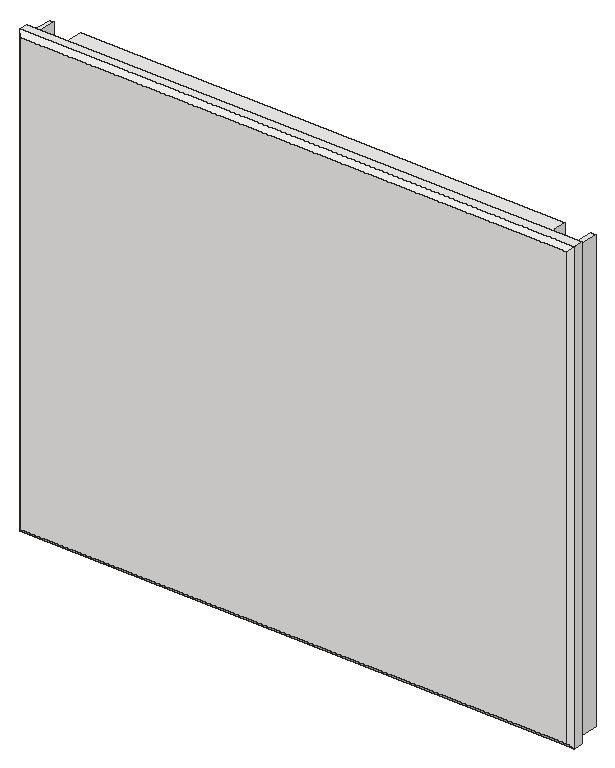
Revit family "Power_Module-Lutron-GRAFIK_Eye-PHPM3F", category Lighting Devices, Revit 2017
Family settings
  Maintain Annotation Orientation = No
  Round Connector Dimension = Use Diameter
  Part Type = Normal
  OmniClass Number = 23.85.80.11.27
  OmniClass Title = Lighting Controls
  Work Plane-Based = Yes
  Always vertical = No
  Cut with Voids When Loaded = No
  Shared = No
  Room Calculation Point = No
Parameters (values of type "PHPM-3F-DV-WH")
  Warranty URL = "http://www.lutron.com/en-US/Service-Support/Pages/Service/Warranty/Warranty.aspx"
  Video Link = "https://www.youtube.com/user/LutronElectronicsInc"
  Version = "2017 - v1.0b"  # constant formula
  URL = "http://www.lutron.com"
  Type Comments = ""
  Support Phone = "(224) 699-9545"  # constant formula
  Support Email = "mailto: support@anguleris.com"
  Series = "GRAFIK Eye QS"
  Product Page URL = "http://www.lutron.com/en-US/Products/Pages/SingleRoomControls/GrafikEyeQS/Overview.aspx"
  Product Name = "3-Wire Fluorescent Power Module"
  Product Documentation Link = "http://www.lutron.com/TechnicalDocumentLibrary/369-355.pdf"
  Power Module Material = Plastic - Lutron - White
  Performance URL = "http://www.lutron.com/en-US/Service-Support/Pages/Technical/PerfomanceSpecs.aspx"
  Overall Width = 0' - 6 77/256"
  Overall Height = 0' - 5 13/128"
  Overall Depth = 0' - 1 77/128"
  Number of Poles = 1
  Model = "PHPM-3F-DV-WH"
  Manufacturer Phone Number = "610-282-3800"  # constant formula
  Manufacturer Fax Number = "610-282-1243"  # constant formula
  Manufacturer Email = "mailto:support@lutron.com"
  Manufacturer Address = "7200 Suter Rd, Coopersburg, PA 18036"  # constant formula
  Manufacturer = "Lutron Electronics Co., Inc"  # constant formula
  Load Voltage = 277 V
  Load Classification = Lighting
  Label = "PM"
  Keynote = ""
  Instruction Sheet Link = "http://www.lutron.com/TechnicalDocumentLibrary/032479.pdf"
  Graphic Symbol Visibility [instance] = not(Annotation Symbol Visibility)  # no
  Description = "3-Wire Fluorescent Power Module"
  Default Elevation = 4' - 0"
  Cost Info = "mailto:sales@lutron.com"
  Cost = 0
  Copyright = "© 2019 Lutron Electronics Co., Inc."  # constant formula
  Control Voltage = 120 V
  Control Power [instance] = 0 VA
  Capacity = 16 A
  Assembly Code = "D5020"
  Annotation Symbol Visibility [instance] = yes
Types (2): name | Model | Load Voltage
  PHPM-3F-120-WH | "PHPM-3F-120-WH" | 120 V
  PHPM-3F-DV-WH | "PHPM-3F-DV-WH" | 277 V
Reference planes (in)
  plane 1 "Center (Front/Back)": y = 0
  plane 2: z = 0
  plane 3 "Center (Left/Right)": x = 0
  plane 4: y = 1.19922
  plane 5: y = -0.40234
  plane 6: x = -3.15039
  plane 7: x = 3.15039
  plane 8: y = -0.25469
  plane 9: z = 5.10156
  plane 10: z = 2.55078
Forms (in)
  Extrusion 1, solid, material "Plastic - Lutron - White" <- "Power Module Material"
    sketch origin (0, 0, 0) x (-1, 0, 0) y (0, -1, 0)
      loop
        line (-3.10039, 0.40234) -> (-3.15039, 0.35234) -> (-3.15039, 0.25469) -> (-3.09961, 0.25469) -> (-3.09961, 0) -> (-3.04883, 0) -> (-3.04883, 0.25469) -> (-2.74805, 0.25469) -> (-2.74805, 0) -> (2.74805, 0) -> (2.74805, 0.25469) -> (3.04883, 0.25469) -> (3.04883, 0) -> (3.09961, 0) -> (3.09961, 0.25469) -> (3.15039, 0.25469) -> (3.15039, 0.35234) -> (3.10039, 0.40234) -> (-3.10039, 0.40234)
    from 0 to 5.10156
  Extrusion 2, solid, material "Plastic - Lutron - White" <- "Power Module Material", detail levels fine
    sketch origin (0, 0, 0) x (-1, 0, 0) y (0, -1, 0)
      loop
        line (-1.72958, 0) -> (-1.72958, -1.19922) -> (-0.40081, -1.19922) -> (-0.1, -0.90873) -> (-0.1, 0) -> (-1.72958, 0)
      loop
        line (0.1, 0) -> (0.1, -0.90873) -> (0.40081, -1.19922) -> (1.7312, -1.19922) -> (1.7312, 0) -> (0.1, 0)
    from 1 to 4.10156
  Extrusion 3, void
    sketch origin (0, 0, 0) x (0, -1, 0) y (0, 0, 1)
      loop
        line (0.35234, 5.10156) -> (0.40234, 5.05156) -> (0.40234, 5.10156) -> (0.35234, 5.10156)
      loop
        line (0.35234, 0) -> (0.40234, 0) -> (0.40234, 0.05) -> (0.35234, 0)
      loop
        line (0, 5.10156) -> (0, 5.05156) -> (0.25469, 5.05156) -> (0.25469, 5.10156) -> (0, 5.10156)
      loop
        line (0, 0) -> (0.25469, 0) -> (0.25469, 0.05) -> (0, 0.05) -> (0, 0)
    from 3.15039 to -3.15039
Cuts and joins
  Extrusion 3 cuts Extrusion 1
Lines and regions (in)
  symbolic lines, detail levels fine
    curve 1: line (3.09961, 0, 0) -> (-3.09961, 0, 0)
    curve 2: line (-3.09961, 0, 0) -> (-3.09961, -0.25469, 0)
    curve 3: line (-3.15039, -0.25469, 0) -> (-3.15039, -0.35234, 0)
    curve 4: line (-3.15039, -0.35234, 0) -> (-3.10039, -0.40234, 0)
    curve 5: line (-3.10039, -0.40234, 0) -> (3.10039, -0.40234, 0)
    curve 6: line (3.10039, -0.40234, 0) -> (3.15039, -0.35234, 0)
    curve 7: line (3.15039, -0.35234, 0) -> (3.15039, -0.25469, 0)
    curve 8: line (3.15039, -0.25469, 0) -> (-3.15039, -0.25469, 0)
    curve 9: line (3.09961, 0, 0) -> (3.09961, -0.25469, 0)
  symbolic lines, visible <- "Graphic Symbol Visibility"
    curve 10: line (-3.15039, 0, 0) -> (3.15039, 0, 0)
    curve 11: line (-3.15039, -0.40234, 0) -> (-3.15039, 0, 0)
    curve 12: line (3.15039, -0.40234, 0) -> (-3.15039, -0.40234, 0)
    curve 13: line (3.15039, 0, 0) -> (3.15039, -0.40234, 0)
Dimensions and locks (in)
  equal spacing: plane 6, plane 3 "Center (Left/Right)", plane 7
  "Overall Width": plane 6 to plane 7
  locked: Extrusion 1 sketch curve to Extrusion 1 sketch curve at 0.07071  (x2)
  "Overall Height": plane 9 to plane 2
  equal spacing: plane 9, plane 10, plane 2
  locked: plane 9 to Extrusion 3 sketch curve at 0.05
  locked: Extrusion 3 sketch curve to plane 2 at 0.05
  equal spacing: Extrusion 1 sketch curve, plane 6, Extrusion 1 sketch curve
  equal spacing: Extrusion 1 sketch curve, plane 7, Extrusion 1 sketch curve
  equal spacing: Extrusion 2, plane 10, Extrusion 2
  locked: Extrusion 2 to Extrusion 2 at 3.10156
  locked: plane 1 "Center (Front/Back)" to plane 4 at 1.19922
  locked: plane 5 to plane 8 at 0.14766
  Extrusion 2 sketch curve to Extrusion 2 sketch curve to Extrusion 2 sketch curve to plane 3 "Center (Left/Right)" to Extrusion 2 sketch curve to Extrusion 2 sketch curve to Extrusion 2 sketch curve = 0' - 1.33039" locked, 0' - 0.30081" locked, 0' - 0.1" locked, 0' - 0.1" locked, 0' - 0.30081" locked, 0' - 1.32877" locked
  plane 1 "Center (Front/Back)" to Extrusion 2 sketch curve to Extrusion 2 sketch curve = 0' - 0.90873" locked, 0' - 0" locked
  "Overall Depth": plane 4 to plane 5
  Extrusion 1 sketch curve to Extrusion 1 sketch curve to Extrusion 1 sketch curve to plane 3 "Center (Left/Right)" to Extrusion 1 sketch curve to Extrusion 1 sketch curve to Extrusion 1 sketch curve = 0' - 0 13/256" locked, 0' - 0 77/256" locked, 0' - 2.74805" locked, 0' - 2.74805" locked, 0' - 0 77/256" locked, 0' - 0 13/256" locked
  aligned and locked: level to plane 2
  aligned and locked: Extrusion 1 sketch curve to plane 1 "Center (Front/Back)"  (x2)
  aligned and locked: plane 8 to Extrusion 1 sketch curve  (x2)
  aligned and locked: Extrusion 1 sketch curve to plane 8  (x2)
  aligned and locked: plane 1 "Center (Front/Back)" to Extrusion 1 sketch curve
  aligned and locked: Extrusion 2 sketch curve to plane 1 "Center (Front/Back)"  (x2)
  aligned and locked: Extrusion 1 to plane 2
  aligned and locked: plane 9 to Extrusion 1
  aligned and locked: plane 9 to Extrusion 3 sketch curve
  aligned and locked: plane 2 to Extrusion 3 sketch curve
  aligned and locked: cut or joined group of Extrusion 1, Extrusion 3 to plane 7
  aligned and locked: cut or joined group of Extrusion 1, Extrusion 3 to plane 6
  aligned and locked: Extrusion 3 sketch curve to plane 9
  aligned and locked: plane 1 "Center (Front/Back)" to Extrusion 3 sketch curve
  aligned and locked: Extrusion 3 sketch curve to Extrusion 3 sketch curve  (x2)
  aligned and locked: Extrusion 3 sketch curve to plane 1 "Center (Front/Back)"
  aligned and locked: Extrusion 3 sketch curve to plane 2
  aligned and locked: Extrusion 2 sketch curve to plane 4  (x2)
  aligned and locked: cut or joined group of Extrusion 1, Extrusion 3 to plane 1 "Center (Front/Back)"
  aligned and locked: nested 1 to plane 3 "Center (Left/Right)"
  aligned and locked: curve 1 to plane 1 "Center (Front/Back)"
  aligned and locked: curve 7 to plane 7
  aligned and locked: curve 3 to plane 6
Automatic sketch dimensions
  Extrusion 1 sketch curve to plane 7 = 0' - 0"
  plane 5 to Extrusion 1 sketch curve = 0' - 0"
  Extrusion 1 sketch curve to plane 6 = 0' - 0"
  Extrusion 3 sketch curve to plane 5 = 0' - 0"  (x2)
  plane 5 to curve 12 = 0' - 0"
  curve 12 to plane 6 = 0' - 0"
  plane 1 "Center (Front/Back)" to curve 10 = 0' - 0"
  curve 10 to plane 7 = 0' - 0"
  plane 5 to curve 5 = 0' - 0"
  curve 11 to curve 5 = 0' - 0.05"
  plane 6 to curve 1 = 0' - 0 13/256"
  curve 9 to curve 10 = 0' - 0 13/256"
  curve 6 to curve 12 = 0' - 0.05"
  curve 3 to plane 5 = 0' - 0.05"
  curve 7 to plane 5 = 0' - 0.05"
  curve 6 to curve 7 = 0' - 0 25/256"
  Extrusion 3 sketch curve to plane 5 = 0' - 0.14766"  (x2)
  Extrusion 3 sketch curve to plane 5 = 0' - 0.05"  (x2)
Nested families (in)
  nested 1: "Power Module" at (0, 0, 0) x (-1, 0, 0) z (0, 0, 1), visible <- "Annotation Symbol Visibility", type "Power Module", detail levels coarse+medium
Connectors (in)
  electrical at (-0.81264, 0.66143, 4.10156), driven by "Load Voltage", driven by "Load Classification", driven by "Number of Poles"
    settings: on Extrusion 2, index 1, voltage 277 V, apparent load 0 VA, apparent load phase1 0 VA, apparent load phase2 0 VA, apparent load phase3 0 VA, power factor 1, load classification "Lighting", number of poles 1, system type 30, power factor state 1, is connector primary yes, connector utility no, sub classification motor no, connector description "Load Power Connection"
  electrical at (0.81199, 0.66143, 4.10156), driven by "Load Classification", driven by "Number of Poles", driven by "Control Voltage", driven by "Control Power"
    settings: on Extrusion 2, index 2, voltage 120 V, apparent load 0 VA, apparent load phase1 0 VA, apparent load phase2 0 VA, apparent load phase3 0 VA, power factor 1, load classification "Lighting", number of poles 1, system type 30, power factor state 1, is connector primary no, connector utility no, sub classification motor no, connector description "Control Power Connection"
Definition of nested family "Power Module"
  Parameters
    Label = "PM"
  Reference planes (in)
    plane 1: y = 0
    plane 2: x = 0
  Lines and regions (in)
    detail lines
      curve 1: line (-0.05859, 0, 0) -> (0.05859, 0, 0)
      curve 2: line (0, 0, 0) -> (0, 0.05583, 0)
      curve 3: circle (0, 0.15544, 0) r 0.09961 normal (0, 0, 1)
  Text (in)
    label "PM" at (-0.00223, 0.1629, 0), shows "Label"
  Dimensions and locks (in)
    radius of curve 3 = 0' - 0.09961"
    aligned and locked: plane 2 to curve 2
    aligned and locked: plane 1 to curve 1
